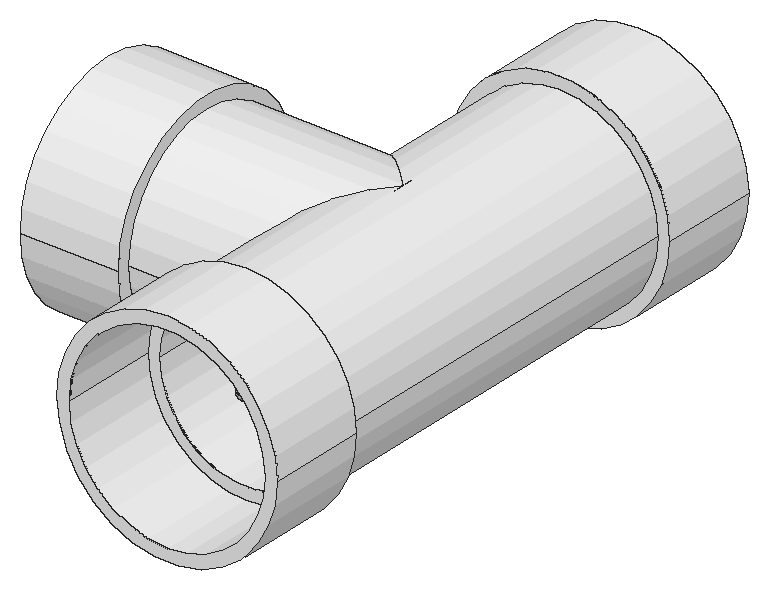
Revit family "Vent-Tee-PVC", category Plumbing Fixtures, Revit 2026
Family settings
  Round Connector Dimension = Use Diameter
  Part Type = Normal
  Classification Number = 23.60.30.11.14
  Work Plane-Based = Yes
  Enable Cutting in Views = No
  Always vertical = Yes
  Cut with Voids When Loaded = No
  Maintain Annotation Orientation = No
  Shared = No
  Room Calculation Point = No
Parameters (values of type "3"")
  collarrad [instance] = PipeOrad + Collar Thickness  # 0' - 1 11/16"
  Waste Connection = yes
  Warranty Duration (Years) = 0
  Wall Thickness = 0' - 0 3/16"
  Vent Connection = yes
  Type Comments = ""
  Turn Radius [instance] = Pipe OD  # 0' - 3"
  Test Data = ""
  Supply Connection Type = Plumbing-Connector : Weld-Weld -PVC-PVC 3
  Specification = "http://www.arcat.com/divs/sec/sec15000.shtml"
  Sales Information = ""
  Product Properties = "http://www.arcat.com/bim/bim_info.pl?fn=Vent-Tee-PVC"
  Product Data = "http://www.arcat.com/divs/sec/sec15000.shtml"
  PipeOrad [instance] = Pipe OD / 2  # 0' - 1 1/2"
  PipeIrad [instance] = PipeOrad - Wall Thickness  # 0' - 1 5/16"
  Pipe OD [instance] = 0' - 3"
  Pipe Material = ARCAT - PVC - Schedule 80
  Pipe ID [instance] = (PipeOrad - Wall Thickness) * 2  # 0' - 2 5/8"
  Model = "Generic"  # constant formula
  Manufacturer Website = "http://www.arcat.com/"
  Manufacturer Phone - Toll Free = ""
  Manufacturer Phone = "(203) 929-9444"  # constant formula
  Manufacturer Fax = "(203) 939-2444"  # constant formula
  Manufacturer Email = "bim@arcat.com"  # constant formula
  Manufacturer Address = "1077 Bridgeport Ave, Shelton, CT  06484"  # constant formula
  Manufacturer = "Generic"  # constant formula
  Maintenance Schedule (Months) = 0
  Keynote = "15000"
  Installation_Fabricaton = ""
  Installation Phase = ""
  HW Connection = no
  Green Building-LEED = "http://www.arcat.com/green/green_building.shtml"
  Expected Lifespan (Years) = 40
  Drawn By = "Robert S. Weygant. CSI, CDT, SCIP"  # constant formula
  Description = "PVC Vent Tee"  # constant formula
  Default Elevation = 4' - 0"
  Copyright = "2008, ARCAT, Inc."  # constant formula
  Construction Details = "http://www.arcat.com/divs/sec/sec15000.shtml"
  Collar Thickness = Wall Thickness  # 0' - 0 3/16"
  Collar Length [instance] = Pipe OD / 2  # 0' - 1 1/2"
  CW Connection = no
  Building Codes = ""
  Assembly Code = "D2090900"
Types (7): name | collarrad | Turn Radius | Supply Connection Type | PipeOrad | PipeIrad | Pipe OD | Pipe ID | Collar Length
  (no name) | 0' - 1 11/16" | 0' - 3" | Plumbing-Connector : Weld-Weld -PVC-PVC 3 | 0' - 1 1/2" | 0' - 1 5/16" | 0' - 3" | 0' - 2 5/8" | 0' - 1 1/2"
  1" | 0' - 0 11/16" | 0' - 1" | Plumbing-Connector : Weld-Weld - PVC-PVC 1 | 0' - 0 1/2" | 0' - 0 5/16" | 0' - 1" | 0' - 0 5/8" | 0' - 0 1/2"
  1-1/4" | 0' - 0 13/16" | 0' - 1 1/4" | Plumbing-Connector : Weld-Weld -PVC-PVC 125 | 0' - 0 5/8" | 0' - 0 7/16" | 0' - 1 1/4" | 0' - 0 7/8" | 0' - 0 5/8"
  1-1/2" | 0' - 0 15/16" | 0' - 1 1/2" | Plumbing-Connector : Weld-Weld -PVC-PVC 150 | 0' - 0 3/4" | 0' - 0 9/16" | 0' - 1 1/2" | 0' - 1 1/8" | 0' - 0 3/4"
  2" | 0' - 1 3/16" | 0' - 2" | Plumbing-Connector : Weld-Weld -PVC-PVC 2 | 0' - 1" | 0' - 0 13/16" | 0' - 2" | 0' - 1 5/8" | 0' - 1"
  3" | 0' - 1 11/16" | 0' - 3" | Plumbing-Connector : Weld-Weld -PVC-PVC 3 | 0' - 1 1/2" | 0' - 1 5/16" | 0' - 3" | 0' - 2 5/8" | 0' - 1 1/2"
  4" | 0' - 2 3/16" | 0' - 4" | Plumbing-Connector : Weld-Weld -PVC-PVC 3 | 0' - 2" | 0' - 1 13/16" | 0' - 4" | 0' - 3 5/8" | 0' - 2"
Reference planes (in)
  plane 1: z = 0
  plane 2 "Center (Left/Right)": x = 0
  plane 3 "Connection Level": z = 0
  plane 4 "Center": y = 0
  plane 5: y = 3
  plane 6: x = -3
  plane 7: y = 6
Forms (in)
  Sweep 1, solid, material "ARCAT - PVC - Schedule 80" <- "Pipe Material"
    path in 3D
      loop
        line (0, 0, 0) -> (0, -1.5, 0)
    profile origin (0, -0.75, 0) x (1, 0, 0) y (0, 0, 1)
      loop
        circle (0, 0) r 1.5
      loop
        circle (0, 0) r 1.6875
  Sweep 2, solid, material "ARCAT - PVC - Schedule 80" <- "Pipe Material"
    path in 3D
      loop
        line (-3, 3, 0) -> (-4.5, 3, 0)
    profile origin (-3.75, 3, 0) x (0, -1, 0) y (0, 0, 1)
      loop
        circle (0, 0) r 1.5
      loop
        circle (0, 0) r 1.6875
  Sweep 3, solid, material "ARCAT - PVC - Schedule 80" <- "Pipe Material"
    path in 3D
      loop
        line (0, 6, 0) -> (0, 7.5, 0)
    profile origin (0, 6.75, 0) x (-1, 0, 0) y (0, 0, 1)
      loop
        circle (0, 0) r 1.5
      loop
        circle (0, 0) r 1.6875
  Sweep 4, solid, material "ARCAT - PVC - Schedule 80" <- "Pipe Material"
    path in 3D
      loop
        line (0, 0, 0) -> (0, 6, 0)
    profile origin (0, 3, 0) x (-1, 0, 0) y (0, 0, 1)
      loop
        circle (0, 0) r 1.5
      loop
        circle (0, 0) r 1.3125
  Sweep 5, solid, material "ARCAT - PVC - Schedule 80" <- "Pipe Material"
    path in 3D
      loop
        line (0, 3, 0) -> (-3, 3, 0)
    profile origin (-1.5, 3, 0) x (0, -1, 0) y (0, 0, 1)
      loop
        circle (0, 0) r 1.5
      loop
        circle (0, 0) r 1.3125
Lines and regions (in)
  model lines, style "Drain", visible <- "Waste Connection"
    curve 1: line (0, 0, 0) -> (0, -1.5, 0)
    curve 2: line (-3, 3, 0) -> (-4.5, 3, 0)
    curve 3: line (-3, 1.5, 0) -> (-3, 4.5, 0)
    curve 4: line (-1.5, 0, 0) -> (1.5, 0, 0)
    curve 15: line (0, 3, 0) -> (-3, 3, 0)
    curve 16: line (0, 0, 0) -> (0, 6, 0)
    curve 17: line (-1.5, 6, 0) -> (1.5, 6, 0)
    curve 18: line (0, 6, 0) -> (0, 7.5, 0)
  sketch lines
    curve 5: line (0, 0, 0) -> (0, -1.5, 0)
    curve 6: line (-3, 3, 0) -> (-4.5, 3, 0)
    curve 19: line (0, 6, 0) -> (0, 7.5, 0)
    curve 20: line (0, 0, 0) -> (0, 6, 0)
    curve 21: line (0, 3, 0) -> (-3, 3, 0)
  model lines, style "Vent", visible <- "Vent Connection"
    curve 7: line (-3, 3, 0) -> (0, 3, 0)
    curve 8: line (-3, 1.5, 0) -> (-3, 4.5, 0)
    curve 9: line (-1.5, 0, 0) -> (1.5, 0, 0)
    curve 10: line (0, 0, 0) -> (0, -1.5, 0)
    curve 11: line (0, 0, 0) -> (0, 6, 0)
    curve 12: line (-4.5, 3, 0) -> (-3, 3, 0)
    curve 13: line (0, 6, 0) -> (0, 7.5, 0)
    curve 14: line (-1.5, 6, 0) -> (1.5, 6, 0)
Dimensions and locks (in)
  "Turn Radius": plane 4 "Center" to plane 5
  "Turn Radius": plane 6 to plane 2 "Center (Left/Right)"
  equal spacing: curve 4, curve 1, curve 4
  "Pipe OD": curve 4 to curve 4
  equal spacing: curve 3, curve 2, curve 3
  "Pipe OD": curve 3 to curve 3
  equal spacing: curve 8, curve 7, curve 8
  "Pipe OD": curve 8 to curve 8
  equal spacing: curve 9, curve 10, curve 9
  "Pipe OD": curve 9 to curve 9
  "Turn Radius": plane 7 to plane 5
  "Collar Length": curve 13 to plane 7
  equal spacing: curve 14, curve 13, curve 14
  "Pipe OD": curve 14 to curve 14
  equal spacing: curve 17, curve 18, curve 17
  "Pipe OD": curve 17 to curve 17
  "Collar Length": curve 17 to curve 18
  "Collar Length": curve 10 to curve 9
  "Collar Length": curve 16 to curve 1
  "Collar Length": curve 2 to plane 6
  "Collar Length": curve 12 to curve 8
  "PipeOrad": radius of Sweep 2 sketch curve
  "collarrad": radius of Sweep 2 sketch curve
  "collarrad": radius of Sweep 1 sketch curve
  "PipeOrad": radius of Sweep 1 sketch curve
  "PipeOrad": radius of Sweep 3 sketch curve
  "collarrad": radius of Sweep 3 sketch curve
  "PipeOrad": radius of Sweep 4 sketch curve
  "PipeIrad": radius of Sweep 4 sketch curve
  "PipeOrad": radius of Sweep 5 sketch curve
  "PipeIrad": radius of Sweep 5 sketch curve
  aligned and locked: curve 1 to plane 2 "Center (Left/Right)"
  aligned and locked: plane 4 "Center" to curve 4
  aligned and locked: nested 1 to plane 3 "Connection Level"
  aligned and locked: plane 4 "Center" to Sweep 1
  aligned and locked: plane 2 "Center (Left/Right)" to nested 1
  aligned and locked: nested 2 to plane 5
  aligned and locked: nested 2 to plane 3 "Connection Level"
  aligned and locked: nested 2 to Sweep 2
  aligned and locked: plane 3 "Connection Level" to level
  aligned and locked: curve 7 to curve 2
  aligned and locked: curve 8 to curve 3
  aligned and locked: curve 10 to curve 1
  aligned and locked: plane 7 to curve 11
  aligned and locked: plane 4 "Center" to curve 11
  aligned and locked: plane 5 to curve 12
  aligned and locked: plane 6 to curve 12
  aligned and locked: plane 2 "Center (Left/Right)" to nested 3
  aligned and locked: nested 3 to plane 7
  aligned and locked: curve 16 to curve 11
  aligned and locked: curve 17 to curve 14
  aligned and locked: curve 18 to curve 13
Automatic sketch dimensions
  Sweep 2 sketch curve to Sweep 2 sketch curve = 0' - 0"  (x2)
  Sweep 2 sketch curve to profile plane = 0' - 0"  (x2)
  Sweep 1 sketch curve to Sweep 1 sketch curve = 0' - 0"  (x2)
  Sweep 1 sketch curve to profile plane = 0' - 0"  (x2)
  Sweep 3 sketch curve to Sweep 3 sketch curve = 0' - 0"  (x2)
  Sweep 3 sketch curve to profile plane = 0' - 0"  (x2)
  Sweep 4 sketch curve to Sweep 4 sketch curve = 0' - 0"  (x2)
  Sweep 4 sketch curve to profile plane = 0' - 0"  (x2)
  Sweep 5 sketch curve to Sweep 5 sketch curve = 0' - 0"  (x2)
  Sweep 5 sketch curve to profile plane = 0' - 0"  (x2)
  curve 17 to plane 7 = 0' - 0"
  curve 18 to plane 2 "Center (Left/Right)" = 0' - 0"
  curve 16 to plane 2 "Center (Left/Right)" = 0' - 0"
  curve 3 to plane 6 = 0' - 0"
  curve 2 to plane 5 = 0' - 0"
  curve 15 to plane 5 = 0' - 0"
Nested families (in)
  nested 1: "Plumbing-Connector" at (-1.5, 0.5, 1.92656), Pipe Diameter <- "Pipe OD", type <- "Supply Connection Type", Outlet Material <- "Pipe Material", Inlet Material <- "Pipe Material", type "Weld-Weld -PVC-PVC 3"
    with Pipe Diameter 0' - 3", Outlet Material ARCAT - PVC - Schedule 80, Outlet Connection "Solvent Welded", Inlet Material ARCAT - PVC - Schedule 80, Inlet Connection "Solvent Welded"
  nested 2: "Plumbing-Connector" at (-4.5, 3.5, 1.92656), Outlet Material <- "Pipe Material", Inlet Material <- "Pipe Material", type <- "Supply Connection Type", Pipe Diameter <- "Pipe OD", type "Weld-Weld -PVC-PVC 3"
    with Pipe Diameter 0' - 3", Outlet Material ARCAT - PVC - Schedule 80, Outlet Connection "Solvent Welded", Inlet Material ARCAT - PVC - Schedule 80, Inlet Connection "Solvent Welded"
  nested 3: "Plumbing-Connector" at (-1.5, 6.5, 1.92656), Pipe Diameter <- "Pipe OD", type <- "Supply Connection Type", Outlet Material <- "Pipe Material", Inlet Material <- "Pipe Material", type "Weld-Weld -PVC-PVC 3"
    with Pipe Diameter 0' - 3", Outlet Material ARCAT - PVC - Schedule 80, Outlet Connection "Solvent Welded", Inlet Material ARCAT - PVC - Schedule 80, Inlet Connection "Solvent Welded"
Definition of nested family "Plumbing-Connector"
  Parameters
    Waste Connection = no
    Warranty Duration (Years) = 0
    Vent Connection = no
    Type Comments = "Plumbing Connection"
    Test Data = ""
    Specification = "http://www.arcat.com/divs/sec/sec15000.shtml"
    Sales Information = ""
    Product Properties = "http://www.arcat.com/bim/bim_info.pl?fn=Plumbing-Connector"
    Product Data = "http://www.arcat.com/divs/sec/sec15000.shtml"
    Pipe Diameter [instance] = 0' - 4"
    Outlet Material [instance] = none
    Outlet Connection [instance] = "Crimp"
    Model = "Generic"  # constant formula
    Mixing Valve = no
    Manufacturer Website = "http://www.arcat.com/"
    Manufacturer Phone - Toll Free = ""
    Manufacturer Phone = "(203) 929-9444"  # constant formula
    Manufacturer Fax = "(203) 939-2444"  # constant formula
    Manufacturer Email = "bim@arcat.com"  # constant formula
    Manufacturer Address = "1077 Bridgeport Ave, Shelton, CT  06484"  # constant formula
    Manufacturer = "Generic"  # constant formula
    Maintenance Schedule (Months) = 0
    Keynote = "15000"
    Installation_Fabricaton = ""
    Installation Phase = ""
    Inlet Material [instance] = none
    Inlet Connection [instance] = "Threaded"
    HW Connection = no
    Green Building-LEED = "http://www.arcat.com/green/green_building.shtml"
    Expected Lifespan (Years) = 0
    Drawn By = "Robert S. Weygant. CSI, CDT, SCIP"  # constant formula
    Description = ""
    Default Elevation = 4' - 0"
    Copyright = "2008, ARCAT, Inc."  # constant formula
    Construction Details = "http://www.arcat.com/divs/sec/sec15000.shtml"
    CW Connection = yes
    Building Codes = ""
    Assembly Code = "D2090900"
  Reference planes (in)
    plane 1 "Center (TB)": z = -1.92656
    plane 2 "Center (Left/Right)": x = 1.5
    plane 3 "Center (FB)": y = -0.5
    plane 4: x = -0.5
    plane 5: x = 3.5
    plane 6: y = 1.5
    plane 7: y = -2.5
    plane 8: z = 0.07344
    plane 9: z = -3.92656
  Forms (in)
    Revolve 1, solid
      sketch origin (0, 0, -1.92656) x (1, 0, 0) y (0, 1, 0)
        loop
          line (1.5, -0.375) -> (1.5, -0.625)
          arc (1.5, -0.625) -> (1.625, -0.5) -> (1.5, -0.375) r 0.125
        axis (1.5, -0.375) -> (1.5, -0.625)
      angle from 0 to 360
  Lines and regions (in)
    model lines, not visible
      curve 1: line (0, 0.5, 0) -> (0, -0.5, 0)
      curve 2: line (-0.5, 0, 0) -> (0.5, 0, 0)
    model lines, visible <- "CW Connection"
      curve 3: line (1.5, -0.5, -3.92656) -> (1.5, -0.5, 0.07344)
      curve 8: line (-0.5, -0.5, -1.92656) -> (3.5, -0.5, -1.92656)
      curve 13: line (1.5, 1.5, -1.92656) -> (1.5, -2.5, -1.92656)
    model lines, visible <- "Waste Connection"
      curve 4: line (1.5, -0.5, -3.92656) -> (1.5, -0.5, 0.07344)
      curve 9: line (-0.5, -0.5, -1.92656) -> (3.5, -0.5, -1.92656)
      curve 14: line (1.5, 1.5, -1.92656) -> (1.5, -2.5, -1.92656)
    model lines, visible <- "HW Connection"
      curve 5: line (1.5, -0.5, -3.92656) -> (1.5, -0.5, 0.07344)
      curve 10: line (-0.5, -0.5, -1.92656) -> (3.5, -0.5, -1.92656)
      curve 15: line (1.5, 1.5, -1.92656) -> (1.5, -2.5, -1.92656)
    model lines, visible <- "Mixing Valve"
      curve 6: line (1.5, -0.5, -3.92656) -> (1.5, -0.5, 0.07344)
      curve 11: line (-0.5, -0.5, -1.92656) -> (3.5, -0.5, -1.92656)
      curve 16: line (1.5, 1.5, -1.92656) -> (1.5, -2.5, -1.92656)
    model lines, visible <- "Vent Connection"
      curve 7: line (1.5, -0.5, -3.92656) -> (1.5, -0.5, 0.07344)
      curve 12: line (-0.5, -0.5, -1.92656) -> (3.5, -0.5, -1.92656)
      curve 17: line (1.5, 1.5, -1.92656) -> (1.5, -2.5, -1.92656)
  Dimensions and locks (in)
    equal spacing: plane 4, plane 2 "Center (Left/Right)", plane 5
    equal spacing: plane 6, plane 3 "Center (FB)", plane 7
    "Pipe Diameter": plane 4 to plane 5
    "Pipe Diameter": plane 6 to plane 7
    equal spacing: plane 8, plane 1 "Center (TB)", plane 9
    "Pipe Diameter": plane 8 to plane 9
    aligned and locked: plane 9 to curve 3
    aligned and locked: plane 2 "Center (Left/Right)" to curve 3
    aligned and locked: plane 8 to curve 3
    aligned and locked: plane 2 "Center (Left/Right)" to curve 4
    aligned and locked: plane 2 "Center (Left/Right)" to curve 5
    aligned and locked: plane 2 "Center (Left/Right)" to curve 6
    aligned and locked: plane 2 "Center (Left/Right)" to curve 7
    aligned and locked: plane 4 to curve 8
    aligned and locked: plane 5 to curve 8
    aligned and locked: plane 3 "Center (FB)" to curve 8
    aligned and locked: plane 3 "Center (FB)" to curve 9
    aligned and locked: plane 3 "Center (FB)" to curve 10
    aligned and locked: plane 3 "Center (FB)" to curve 11
    aligned and locked: plane 3 "Center (FB)" to curve 12
    aligned and locked: plane 6 to curve 13
    aligned and locked: curve 13 to plane 2 "Center (Left/Right)"
    aligned and locked: plane 7 to curve 13
    aligned and locked: curve 14 to plane 2 "Center (Left/Right)"
    aligned and locked: curve 15 to plane 2 "Center (Left/Right)"
    aligned and locked: curve 16 to plane 2 "Center (Left/Right)"
    aligned and locked: curve 17 to plane 2 "Center (Left/Right)"
    aligned and locked: level to plane 1 "Center (TB)"
  Automatic sketch dimensions
    Revolve 1 sketch curve to plane 2 "Center (Left/Right)" = 0' - 0"  (x2)
    Revolve 1 sketch curve to plane 3 "Center (FB)" = 0' - 0"
    Revolve 1 sketch curve to Revolve 1 sketch curve = 0' - 0 1/8"
    Revolve 1 sketch curve to plane 7 = 4' - 9 1/2"
    plane 6 to Revolve 1 sketch curve = 4' - 8.8714"
    curve 6 to plane 8 = 0' - 0"
    curve 4 to plane 8 = 0' - 0"
    curve 5 to plane 8 = 0' - 0"
    curve 7 to plane 8 = 0' - 0"
    curve 4 to plane 9 = 0' - 0"
    curve 7 to plane 9 = 0' - 0"
    curve 6 to plane 9 = 0' - 0"
    curve 5 to plane 9 = 0' - 0"
    curve 17 to plane 6 = 0' - 0"
    curve 17 to plane 7 = 0' - 0"
    curve 16 to plane 7 = 0' - 0"
    curve 16 to plane 6 = 0' - 0"
    curve 15 to plane 6 = 0' - 0"
    curve 15 to plane 7 = 0' - 0"
    curve 14 to plane 6 = 0' - 0"
    curve 14 to plane 7 = 0' - 0"
    curve 10 to plane 4 = 0' - 0"
    curve 9 to plane 4 = 0' - 0"
    curve 11 to plane 4 = 0' - 0"
    curve 12 to plane 4 = 0' - 0"
    curve 10 to plane 5 = 0' - 0"
    curve 9 to plane 5 = 0' - 0"
    curve 11 to plane 5 = 0' - 0"
    curve 12 to plane 5 = 0' - 0"
